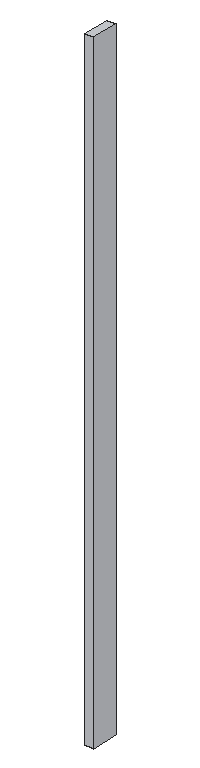
Revit family "Batten _Single", category Generic Models, Revit 2020
Family settings
  Can host rebar = No
  Round Connector Dimension = Use Diameter
  Part Type = Normal
  Work Plane-Based = No
  Always vertical = Yes
  Cut with Voids When Loaded = No
  Shared = No
  Room Calculation Point = No
Parameters (values of type "2" x 6" Batten")
  Default Elevation = 0' - 0"
  Batten Width = 0' - 2"
  Batten Vertical Offset = 0' - 6"
  Batten Height = 12' - 0"
  Batten Finish = none
  Batten Depth = 0' - 6"
Types (5): name | Batten Depth
  (no name) | 0' - 6"
  2" x 2" Batten | 0' - 2"
  2" x 4" Batten | 0' - 4"
  2" x 6" Batten | 0' - 6"
  2" x 8" Batten | 0' - 8"
Reference planes (in)
  plane 1 "Center (Front/Back)": y = 0
  plane 2: z = 0
  plane 3 "Center (Left/Right)": x = 0
  plane 4 "b.o. batten": z = 6
  plane 5 "t.o. batten": z = 150
Forms (in)
  Sweep 1, solid, material <- "Batten Finish"
    path origin (0, 0, 0) x (1, 0, 0) y (0, 0, 1)
      loop
        line (0, 150) -> (0, 6)
    profile "Batten Profile : 2" x 2"" origin (0, 0, 78) x (1, 0, 0) y (0, -1, 0)
      loop
        line (-1, 0) -> (1, 0) -> (1, 6) -> (-1, 6) -> (-1, 0)
Dimensions and locks (in)
  "Batten Vertical Offset": plane 4 "b.o. batten" to level
  "Batten Height": plane 5 "t.o. batten" to plane 4 "b.o. batten"
  aligned and locked: plane 2 to level
  aligned and locked: Sweep 1 sketch curve to plane 3 "Center (Left/Right)"
  aligned and locked: plane 5 "t.o. batten" to Sweep 1 sketch curve
  aligned and locked: plane 4 "b.o. batten" to Sweep 1 sketch curve
